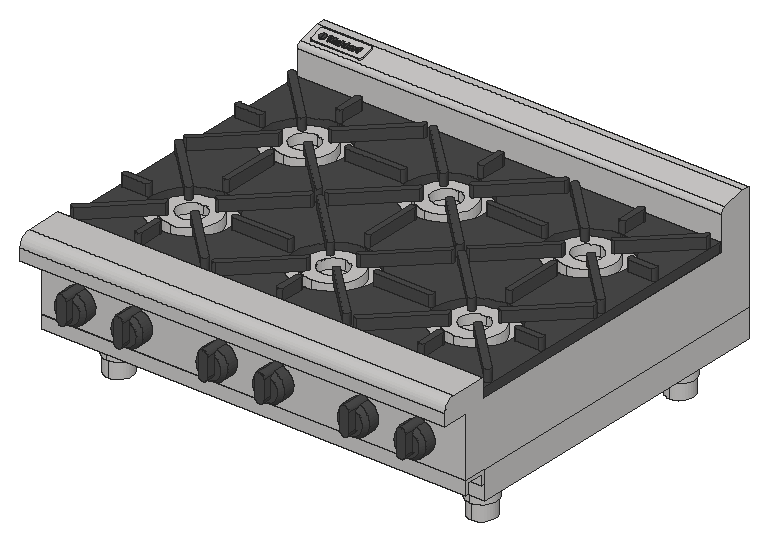
Revit family "QF_MOFFAT WALDORF_RNL8600G-B", category Specialty Equipment, Revit 2012 (continued)
Automatic sketch dimensions
  plane 7 "Center Y" to curve 91 = 28.977 mm
  plane 7 "Center Y" to curve 84 = 28.977 mm
  curve 41 to curve 43 = 20.0 mm
  curve 42 to curve 45 = 15.0 mm
  curve 45 to curve 47 = 20.0 mm
  curve 91 to curve 92 = 58.964 mm
  curve 84 to curve 85 = 58.964 mm
  curve 46 to curve 51 = 15.0 mm
  curve 50 to curve 51 = 20.0 mm
  curve 49 to curve 130 = 15.0 mm
  plane 8 "Center X" to curve 84 = 24.226 mm
  plane 7 "Center Y" to curve 84 = 142.115 mm
  plane 8 "Center X" to curve 91 = 5.774 mm
  curve 91 to curve 84 = 0.0 mm
  curve 127 to curve 80 = 12.97 mm
  curve 88 to curve 87 = 143.337 mm
  curve 80 to curve 122 = 6.03 mm
  curve 122 to curve 129 = 1.0 mm
  curve 80 to curve 95 = 13.452 mm
  curve 87 to curve 102 = 13.452 mm
  plane 8 "Center X" to curve 103 = 7.735 mm
  curve 91 to curve 103 = 15.54 mm
  plane 8 "Center X" to curve 96 = 22.265 mm
  curve 96 to curve 103 = 0.0 mm
  curve 128 to curve 133 = 15.0 mm
  curve 132 to curve 134 = 20.0 mm
  curve 131 to curve 135 = 15.0 mm
  curve 85 to curve 85 = 115.161 mm
  curve 92 to curve 92 = 115.194 mm
  curve 135 to curve 137 = 20.0 mm
  curve 137 to curve 139 = 15.0 mm
  curve 139 to curve 142 = 20.0 mm
  curve 92 to curve 102 = 67.237 mm
  curve 85 to curve 95 = 67.269 mm
  curve 102 to curve 103 = 2.151 mm
  curve 95 to curve 96 = 2.151 mm
  curve 102 to curve 116 = 29.628 mm
  curve 95 to curve 110 = 29.628 mm
  curve 116 to curve 115 = 0.021 mm
  curve 139 to curve 94 = 44.258 mm
  curve 114 to curve 101 = 0.049 mm
  curve 114 to curve 100 = 27.948 mm
  curve 110 to curve 93 = 27.969 mm
  curve 114 to curve 104 = 28.581 mm
  curve 110 to curve 97 = 28.602 mm
  plane 4 "RIGHT" to curve 98 = 62.434 mm
  plane 4 "RIGHT" to curve 105 = 62.434 mm
  plane 4 "RIGHT" to curve 104 = 8.26 mm
  plane 4 "RIGHT" to curve 97 = 8.26 mm
  plane 4 "RIGHT" to curve 93 = 6.592 mm
  plane 4 "RIGHT" to curve 100 = 6.592 mm
  plane 4 "RIGHT" to curve 105 = 4.563 mm
  plane 4 "RIGHT" to curve 98 = 4.563 mm
  curve 72 to curve 77 = 100.0 mm
  curve 88 to plane 5 "FRONT" = 121.254 mm
  curve 101 to plane 5 "FRONT" = 121.254 mm
  curve 62 to plane 5 "FRONT" = 121.254 mm
  curve 77 to curve 61 = 23.841 mm
  curve 122 to curve 87 = 23.841 mm
  curve 77 to curve 100 = 23.841 mm
  curve 79 to curve 89 = 23.907 mm
  curve 87 to curve 102 = 0.066 mm
  curve 63 to curve 89 = 0.0 mm
  curve 101 to curve 101 = 58.222 mm
  curve 62 to curve 62 = 58.222 mm
  curve 88 to curve 88 = 58.222 mm
  curve 62 to curve 124 = 3.942 mm
  curve 88 to curve 118 = 3.942 mm
  curve 101 to curve 114 = 3.942 mm
  curve 118 to curve 120 = 27.082 mm
  curve 114 to curve 116 = 27.082 mm
  curve 124 to curve 125 = 27.082 mm
  curve 120 to curve 89 = 26.544 mm
  curve 116 to curve 102 = 26.544 mm
  curve 125 to curve 63 = 26.544 mm
  curve 126 to curve 61 = 28.779 mm
  curve 120 to curve 87 = 28.779 mm
  curve 117 to curve 100 = 28.779 mm
  curve 63 to curve 64 = 30.253 mm
  curve 87 to curve 119 = 28.22 mm
  curve 61 to curve 124 = 28.221 mm
  curve 124 to curve 123 = 0.0 mm
  curve 100 to curve 115 = 28.221 mm
  curve 118 to curve 121 = 0.0 mm
  curve 114 to curve 116 = 0.0 mm
  curve 123 to curve 126 = 0.0 mm
  curve 61 to curve 67 = 28.954 mm
  curve 100 to curve 105 = 28.954 mm
  curve 102 to curve 92 = 31.19 mm
  curve 118 to curve 91 = 27.638 mm
  curve 124 to curve 66 = 27.637 mm
  curve 114 to curve 104 = 27.637 mm
  curve 120 to curve 90 = 27.866 mm
  curve 116 to curve 103 = 27.866 mm
  curve 125 to curve 65 = 27.866 mm
  plane 8 "Center X" to curve 104 = 5.774 mm
  plane 8 "Center X" to curve 66 = 5.774 mm
  curve 104 to curve 78 = 9.226 mm
  curve 78 to curve 58 = 9.226 mm
  curve 78 to curve 97 = 9.226 mm
  plane 8 "Center X" to curve 86 = 78.334 mm
  plane 8 "Center X" to curve 60 = 78.334 mm
  plane 8 "Center X" to curve 99 = 78.334 mm
  curve 60 to curve 68 = 2.584 mm
  curve 99 to curve 110 = 2.584 mm
  curve 86 to curve 106 = 2.584 mm
  curve 106 to curve 109 = 27.082 mm
  curve 110 to curve 113 = 27.082 mm
  curve 68 to curve 70 = 27.082 mm
  curve 112 to curve 96 = 29.134 mm
  curve 70 to curve 57 = 29.134 mm
  curve 108 to curve 83 = 29.134 mm
  curve 109 to curve 84 = 29.363 mm
  curve 70 to curve 58 = 29.363 mm
  curve 113 to curve 97 = 29.363 mm
  curve 84 to curve 85 = 27.529 mm
  curve 97 to curve 98 = 27.529 mm
  curve 58 to curve 59 = 27.529 mm
  curve 83 to curve 109 = 27.866 mm
  curve 96 to curve 110 = 27.866 mm
  curve 57 to curve 69 = 27.866 mm
  curve 57 to curve 56 = 28.069 mm
  curve 106 to curve 80 = 28.221 mm
  curve 68 to curve 53 = 28.221 mm
  curve 110 to curve 93 = 28.221 mm
  curve 95 to curve 112 = 26.544 mm
  curve 55 to curve 70 = 26.544 mm
  curve 82 to curve 108 = 26.544 mm
  curve 110 to curve 94 = 3.942 mm
  curve 107 to curve 81 = 3.942 mm
  curve 69 to curve 54 = 3.942 mm
  plane 1 "BACK" to curve 82 = 93.907 mm
  curve 55 to curve 82 = 0.0 mm
  plane 1 "BACK" to curve 95 = 93.907 mm
  curve 95 to curve 80 = 0.066 mm
  curve 53 to curve 1 = 41.781 mm
  plane 1 "BACK" to curve 93 = 93.841 mm
  curve 54 to curve 2 = 39.194 mm
  curve 94 to curve 94 = 58.222 mm
  curve 81 to curve 81 = 58.222 mm
  curve 82 to curve 79 = 23.907 mm
  plane 1 "BACK" to curve 142 = 50.782 mm
  curve 138 to curve 139 = 0.0 mm
  curve 122 to curve 52 = 19.218 mm
  curve 134 to curve 135 = 0.0 mm
  curve 48 to curve 49 = 0.0 mm
  curve 49 to curve 130 = 0.0 mm
  curve 44 to curve 45 = 0.0 mm
  curve 2 to curve 5 = 1.278 mm
  curve 40 to curve 41 = 0.0 mm
  curve 7 to curve 9 = 0.0 mm  (x2)
  curve 35 to curve 37 = 0.0 mm  (x2)
  curve 10 to curve 13 = 0.0 mm
  curve 32 to curve 33 = 0.0 mm
  curve 14 to curve 17 = 0.0 mm
  curve 28 to curve 29 = 0.0 mm
  curve 18 to curve 21 = 0.0 mm
  plane 1 "BACK" to curve 2 = 21.099 mm
  plane 1 "BACK" to curve 20 = 20.984 mm
  plane 1 "BACK" to curve 26 = 20.984 mm
  curve 26 to curve 29 = 0.0 mm
  plane 1 "BACK" to curve 16 = 20.984 mm
  curve 30 to curve 33 = 0.0 mm
  curve 19 to curve 21 = 0.0 mm
  plane 1 "BACK" to curve 12 = 20.984 mm
  curve 38 to curve 41 = 0.0 mm
  plane 1 "BACK" to curve 127 = 20.984 mm
  curve 42 to curve 45 = 0.0 mm
  curve 128 to curve 132 = 0.0 mm
  curve 46 to curve 50 = 0.0 mm
  curve 133 to curve 135 = 0.0 mm
  curve 136 to curve 141 = 0.0 mm
  Extrusion 1 sketch curve to plane 5 "FRONT" = 0.0 mm
  Extrusion 1 sketch curve to plane 9 "Base Height" = 0.0 mm
  Extrusion 1 sketch curve to plane 6 "TOP" = 0.0 mm
  Extrusion 1 sketch curve to plane 1 "BACK" = 0.0 mm  (x2)
  Extrusion 1 sketch curve to plane 5 "FRONT" = 24.0 mm
  Extrusion 1 sketch curve to plane 5 "FRONT" = 56.0 mm
  Extrusion 1 sketch curve to Extrusion 1 sketch curve = 0.0 mm  (x2)
  Extrusion 1 sketch curve to Extrusion 1 sketch curve = 6.4 mm  (x3)
  Extrusion 1 sketch curve to Extrusion 1 sketch curve = 36.2 mm
  Extrusion 1 sketch curve to Extrusion 1 sketch curve = 44.0 mm
  Extrusion 1 sketch curve to Extrusion 1 sketch curve = 1.0 mm
  plane 1 "BACK" to Extrusion 1 sketch curve = 70.0 mm
  Extrusion 1 sketch curve to plane 6 "TOP" = 12.354 mm
  Extrusion 1 sketch curve to Extrusion 1 sketch curve = 8.894 mm
  Extrusion 1 sketch curve to Extrusion 1 sketch curve = 3.106 mm
  plane 1 "BACK" to Extrusion 1 sketch curve = 15.0 mm
  plane 9 "Base Height" to Extrusion 1 sketch curve = 31.706 mm  (x2)
  Extrusion 1 sketch curve to Extrusion 1 sketch curve = 20.787 mm
  Extrusion 1 sketch curve to Extrusion 1 sketch curve = 1.106 mm
  Extrusion 1 sketch curve to plane 6 "TOP" = 104.0 mm
  Extrusion 1 sketch curve to Extrusion 1 sketch curve = 71.055 mm
  Extrusion 1 sketch curve to Extrusion 1 sketch curve = 25.0 mm
  Revolve 2 sketch curve to plane 9 "Base Height" = 0.0 mm
  Revolve 2 sketch curve to level = 0.0 mm
  level to Revolve 2 sketch curve = 35.0 mm
  plane 1 "BACK" to Revolve 2 sketch curve = 131.75 mm
  Revolve 2 sketch curve to Revolve 2 sketch curve = 4.25 mm
  Revolve 2 sketch curve to Revolve 2 sketch curve = 27.5 mm
  Revolve 2 sketch curve to Revolve 2 sketch curve = 0.0 mm
  Revolve 2 sketch curve to Revolve 2 sketch curve = 30.0 mm
  Revolve 2 sketch curve to Revolve 2 sketch curve = 55.0 mm
  Revolve 3 sketch curve to level = 0.0 mm
  level to Revolve 3 sketch curve = 35.0 mm
  plane 1 "BACK" to Revolve 3 sketch curve = 131.75 mm
  Revolve 3 sketch curve to Revolve 3 sketch curve = 4.25 mm
  Revolve 3 sketch curve to Revolve 3 sketch curve = 27.5 mm
  Revolve 3 sketch curve to Revolve 3 sketch curve = 0.0 mm
  Revolve 3 sketch curve to Revolve 3 sketch curve = 55.0 mm
  Revolve 3 sketch curve to plane 9 "Base Height" = 30.0 mm
  Revolve 4 sketch curve to plane 5 "FRONT" = 56.0 mm
  Revolve 4 sketch curve to Revolve 4 sketch curve = 10.0 mm
  Revolve 4 sketch curve to Revolve 4 sketch curve = 21.3 mm
  Revolve 4 sketch curve to plane 5 "FRONT" = 23.0 mm
  Revolve 4 sketch curve to plane 5 "FRONT" = 12.0 mm
  Revolve 4 sketch curve to Revolve 4 sketch curve = 0.0 mm  (x2)
  plane 9 "Base Height" to Revolve 4 sketch curve = 117.105 mm
  Revolve 4 sketch curve to Revolve 4 sketch curve = 5.0 mm
  Revolve 4 sketch curve to Revolve 4 sketch curve = 26.651 mm
  Revolve 4 sketch curve to Revolve 4 sketch curve = 5.849 mm
  plane 3 "LEFT" to Extrusion 5 sketch curve = 200.0 mm
  Extrusion 5 sketch curve to Extrusion 5 sketch curve = 10.0 mm
  plane 9 "Base Height" to Extrusion 5 sketch curve = 105.003 mm
  Extrusion 5 sketch curve to Extrusion 5 sketch curve = 38.997 mm
  plane 1 "BACK" to Extrusion 6 sketch curve = 32.0 mm
  plane 4 "RIGHT" to Extrusion 6 sketch curve = 130.0 mm
  Revolve 7 sketch curve to plane 5 "FRONT" = 12.0 mm
  Revolve 7 sketch curve to Revolve 7 sketch curve = 0.0 mm  (x2)
  Revolve 7 sketch curve to Revolve 7 sketch curve = 11.0 mm
  Revolve 7 sketch curve to Revolve 7 sketch curve = 12.7 mm
  Revolve 7 sketch curve to Revolve 7 sketch curve = 23.0 mm
  Revolve 7 sketch curve to Revolve 7 sketch curve = 10.0 mm
  Revolve 7 sketch curve to plane 6 "TOP" = 140.627 mm
  Revolve 7 sketch curve to Revolve 7 sketch curve = 5.849 mm
  Revolve 7 sketch curve to Revolve 7 sketch curve = 27.5 mm
  Revolve 7 sketch curve to Revolve 7 sketch curve = 5.0 mm
  plane 3 "LEFT" to Extrusion 8 sketch curve = 100.0 mm
  Extrusion 8 sketch curve to Extrusion 8 sketch curve = 10.0 mm
  plane 9 "Base Height" to Extrusion 8 sketch curve = 144.0 mm
  Extrusion 8 sketch curve to Extrusion 8 sketch curve = 39.0 mm
  Extrusion 1 to Extrusion 9 sketch curve = 1.0 mm  (x2)
  Extrusion 9 sketch curve to Extrusion 9 sketch curve = 3.0 mm  (x2)
  Extrusion 1 to Extrusion 9 sketch curve = 167.5 mm  (x3)
  Extrusion 9 sketch curve to Extrusion 1 = 167.5 mm  (x3)
  Extrusion 9 sketch curve to Extrusion 1 = 4.0 mm  (x2)
  Extrusion 9 sketch curve to Extrusion 1 = 1.0 mm
  Extrusion 1 to Extrusion 9 sketch curve = 150.0 mm  (x4)
  Extrusion 9 sketch curve to Extrusion 9 sketch curve = 300.0 mm
  Extrusion 10 sketch curve to Extrusion 9 = 22.602 mm  (x6)
  Extrusion 10 sketch curve to Extrusion 9 = 25.398 mm  (x6)
  Extrusion 10 sketch curve to Extrusion 10 sketch curve = 4.525 mm  (x48)
  Extrusion 10 sketch curve to Extrusion 10 sketch curve = 49.204 mm  (x5)
  Extrusion 10 sketch curve to Extrusion 10 sketch curve = 55.923 mm  (x22)
  Extrusion 10 sketch curve to Extrusion 10 sketch curve = 0.0 mm  (x18)
  Extrusion 10 sketch curve to Extrusion 10 sketch curve = 20.524 mm  (x17)
  Extrusion 10 sketch curve to Extrusion 9 = 7.898 mm  (x4)
  Extrusion 10 sketch curve to Extrusion 10 sketch curve = 6.4 mm  (x17)
  Extrusion 10 sketch curve to Extrusion 10 sketch curve = 53.847 mm  (x24)
  Extrusion 10 sketch curve to Extrusion 9 = 5.102 mm  (x5)
  Extrusion 10 sketch curve to Extrusion 10 sketch curve = 128.447 mm  (x10)
  Extrusion 10 sketch curve to Extrusion 10 sketch curve = 12.205 mm  (x14)
  Extrusion 10 sketch curve to Extrusion 9 = 14.153 mm  (x3)
  Extrusion 10 sketch curve to Extrusion 10 sketch curve = 116.204 mm  (x7)
  Extrusion 10 sketch curve to Extrusion 9 = 31.653 mm  (x4)
  Extrusion 10 sketch curve to Extrusion 9 = 57.102 mm  (x2)
  Extrusion 1 to Split face 1 sketch curve = 5.177 mm
  Split face 1 sketch curve to Extrusion 1 = 9.153 mm
  Split face 1 sketch curve to Extrusion 1 = 154.476 mm
  Split face 1 sketch curve to Split face 1 sketch curve = 20.0 mm
  Extrusion 1 to Split face 2 sketch curve = 5.177 mm
  Split face 2 sketch curve to Extrusion 1 = 9.153 mm
  Split face 2 sketch curve to Extrusion 1 = 189.404 mm
  Split face 2 sketch curve to Split face 2 sketch curve = 20.0 mm
  Extrusion 1 to Split face 3 sketch curve = 5.177 mm
  Split face 3 sketch curve to Extrusion 1 = 9.153 mm
  Split face 3 sketch curve to Extrusion 1 = 224.429 mm
  Split face 3 sketch curve to Split face 3 sketch curve = 20.0 mm
  Extrusion 1 to Split face 4 sketch curve = 5.177 mm
  Split face 4 sketch curve to Extrusion 1 = 9.153 mm
  Split face 4 sketch curve to Extrusion 1 = 424.345 mm
  Split face 4 sketch curve to Split face 4 sketch curve = 20.0 mm
  Extrusion 1 to Split face 5 sketch curve = 5.177 mm
  Split face 5 sketch curve to Extrusion 1 = 9.153 mm
  Split face 5 sketch curve to Extrusion 1 = 389.154 mm
  Split face 5 sketch curve to Split face 5 sketch curve = 20.0 mm
  Extrusion 1 to Split face 6 sketch curve = 5.177 mm
  Split face 6 sketch curve to Extrusion 1 = 9.153 mm
  Split face 6 sketch curve to Extrusion 1 = 354.431 mm
  Split face 6 sketch curve to Split face 6 sketch curve = 20.0 mm
  Revolve 11 sketch curve to plane 5 "FRONT" = 56.0 mm
  Revolve 11 sketch curve to Revolve 11 sketch curve = 10.0 mm
  Revolve 11 sketch curve to Revolve 11 sketch curve = 21.3 mm
  Revolve 11 sketch curve to plane 5 "FRONT" = 23.0 mm
  Revolve 11 sketch curve to plane 5 "FRONT" = 12.0 mm
  Revolve 11 sketch curve to Revolve 11 sketch curve = 0.0 mm  (x2)
  plane 9 "Base Height" to Revolve 11 sketch curve = 117.105 mm
  Revolve 11 sketch curve to Revolve 11 sketch curve = 5.0 mm
  Revolve 11 sketch curve to Revolve 11 sketch curve = 26.651 mm
  Revolve 11 sketch curve to Revolve 11 sketch curve = 5.849 mm
  plane 7 "Center Y" to Extrusion 12 sketch curve = 50.0 mm
  Extrusion 12 sketch curve to Extrusion 12 sketch curve = 10.0 mm
  plane 9 "Base Height" to Extrusion 12 sketch curve = 105.003 mm
  Extrusion 12 sketch curve to Extrusion 12 sketch curve = 38.997 mm
  Revolve 13 sketch curve to plane 5 "FRONT" = 12.0 mm
  Revolve 13 sketch curve to Revolve 13 sketch curve = 0.0 mm  (x2)
  Revolve 13 sketch curve to Revolve 13 sketch curve = 11.0 mm
  Revolve 13 sketch curve to Revolve 13 sketch curve = 12.7 mm
  Revolve 13 sketch curve to Revolve 13 sketch curve = 23.0 mm
  Revolve 13 sketch curve to Revolve 13 sketch curve = 10.0 mm
  Revolve 13 sketch curve to plane 6 "TOP" = 140.627 mm
  Revolve 13 sketch curve to Revolve 13 sketch curve = 5.849 mm
  Revolve 13 sketch curve to Revolve 13 sketch curve = 27.5 mm
  Revolve 13 sketch curve to Revolve 13 sketch curve = 5.0 mm
  Extrusion 1 to Split face 7 sketch curve = 5.177 mm
  Split face 7 sketch curve to Extrusion 1 = 9.153 mm
  Split face 7 sketch curve to Extrusion 1 = 263.035 mm
  Split face 7 sketch curve to Split face 7 sketch curve = 20.0 mm
  Extrusion 1 to Split face 8 sketch curve = 5.177 mm
  Split face 8 sketch curve to Extrusion 1 = 9.153 mm
  Split face 8 sketch curve to Extrusion 1 = 300.56 mm
  Split face 8 sketch curve to Split face 8 sketch curve = 20.0 mm
  Extrusion 1 to Split face 9 sketch curve = 5.177 mm
  Split face 9 sketch curve to Extrusion 1 = 9.153 mm
  Split face 9 sketch curve to Extrusion 1 = 336.081 mm
  Split face 9 sketch curve to Split face 9 sketch curve = 20.0 mm
  Extrusion 1 to Split face 10 sketch curve = 5.177 mm
  Split face 10 sketch curve to Extrusion 1 = 9.153 mm
  Split face 10 sketch curve to Extrusion 1 = 370.88 mm
  Split face 10 sketch curve to Split face 10 sketch curve = 20.0 mm
  Extrusion 1 to Split face 11 sketch curve = 5.177 mm
  Split face 11 sketch curve to Extrusion 1 = 9.153 mm
  Split face 11 sketch curve to Extrusion 1 = 405.758 mm
  Split face 11 sketch curve to Split face 11 sketch curve = 20.0 mm
  Extrusion 1 to Split face 12 sketch curve = 5.177 mm
  Split face 12 sketch curve to Extrusion 1 = 9.153 mm
  Split face 12 sketch curve to Extrusion 1 = 440.518 mm
  Split face 12 sketch curve to Split face 12 sketch curve = 20.0 mm
  Extrusion 14 sketch curve to plane 7 "Center Y" = 50.0 mm
  Extrusion 14 sketch curve to Extrusion 14 sketch curve = 10.0 mm
  plane 9 "Base Height" to Extrusion 14 sketch curve = 144.0 mm
  Extrusion 14 sketch curve to Extrusion 14 sketch curve = 39.0 mm
  Revolve 15 sketch curve to Revolve 15 sketch curve = 23.0 mm
  Revolve 15 sketch curve to Revolve 15 sketch curve = 12.7 mm
  Revolve 15 sketch curve to Revolve 15 sketch curve = 0.0 mm  (x2)
  plane 9 "Base Height" to Revolve 15 sketch curve = 117.105 mm
  Revolve 15 sketch curve to Revolve 15 sketch curve = 5.0 mm
  Revolve 15 sketch curve to Revolve 15 sketch curve = 26.651 mm
  Revolve 15 sketch curve to Revolve 15 sketch curve = 5.849 mm
  plane 4 "RIGHT" to Extrusion 16 sketch curve = 100.0 mm
  Extrusion 16 sketch curve to Extrusion 16 sketch curve = 10.0 mm
  plane 9 "Base Height" to Extrusion 16 sketch curve = 105.003 mm
  Extrusion 16 sketch curve to Extrusion 16 sketch curve = 38.997 mm
  Revolve 17 sketch curve to plane 5 "FRONT" = 12.0 mm
  Revolve 17 sketch curve to Revolve 17 sketch curve = 0.0 mm  (x2)
  Revolve 17 sketch curve to Revolve 17 sketch curve = 11.0 mm
  Revolve 17 sketch curve to Revolve 17 sketch curve = 12.7 mm
  Revolve 17 sketch curve to Revolve 17 sketch curve = 23.0 mm
  Revolve 17 sketch curve to Revolve 17 sketch curve = 10.0 mm
  Revolve 17 sketch curve to plane 6 "TOP" = 140.627 mm
  Revolve 17 sketch curve to Revolve 17 sketch curve = 5.849 mm
  Revolve 17 sketch curve to Revolve 17 sketch curve = 27.5 mm
  Revolve 17 sketch curve to Revolve 17 sketch curve = 5.0 mm
  plane 4 "RIGHT" to Extrusion 18 sketch curve = 200.0 mm
  Extrusion 18 sketch curve to Extrusion 18 sketch curve = 10.0 mm
  plane 9 "Base Height" to Extrusion 18 sketch curve = 144.0 mm
  Extrusion 18 sketch curve to Extrusion 18 sketch curve = 39.0 mm
  Revolve 19 sketch curve to plane 9 "Base Height" = 0.0 mm
  Revolve 19 sketch curve to level = 0.0 mm
  level to Revolve 19 sketch curve = 35.0 mm
  Revolve 19 sketch curve to plane 5 "FRONT" = 148.25 mm
  Revolve 19 sketch curve to Revolve 19 sketch curve = 4.25 mm
  Revolve 19 sketch curve to Revolve 19 sketch curve = 27.5 mm
  Revolve 19 sketch curve to Revolve 19 sketch curve = 0.0 mm
  Revolve 19 sketch curve to plane 9 "Base Height" = 30.0 mm
  Revolve 19 sketch curve to Revolve 19 sketch curve = 55.0 mm
  Revolve 20 sketch curve to plane 9 "Base Height" = 0.0 mm
  Revolve 20 sketch curve to level = 0.0 mm
  level to Revolve 20 sketch curve = 35.0 mm
  Revolve 20 sketch curve to plane 5 "FRONT" = 148.25 mm
  Revolve 20 sketch curve to Revolve 20 sketch curve = 4.25 mm
  Revolve 20 sketch curve to Revolve 20 sketch curve = 27.5 mm
  Revolve 20 sketch curve to Revolve 20 sketch curve = 0.0 mm
  Revolve 20 sketch curve to Revolve 20 sketch curve = 55.0 mm
  Revolve 20 sketch curve to Revolve 20 sketch curve = 30.0 mm
  Extrusion 1 to Split face 13 sketch curve = 5.177 mm
  Split face 13 sketch curve to Extrusion 1 = 9.153 mm
  Split face 13 sketch curve to Extrusion 1 = 319.154 mm
  Split face 13 sketch curve to Split face 13 sketch curve = 20.0 mm
  Extrusion 1 to Split face 14 sketch curve = 5.177 mm
  Split face 14 sketch curve to Extrusion 1 = 9.153 mm
  Split face 14 sketch curve to Extrusion 1 = 284.431 mm
  Split face 14 sketch curve to Split face 14 sketch curve = 20.0 mm
  Extrusion 1 to Split face 15 sketch curve = 5.177 mm
  Split face 15 sketch curve to Extrusion 1 = 9.153 mm
  Split face 15 sketch curve to Extrusion 1 = 249.154 mm
  Split face 15 sketch curve to Split face 15 sketch curve = 20.0 mm
  Extrusion 1 to Split face 16 sketch curve = 5.177 mm
  Split face 16 sketch curve to Extrusion 1 = 9.153 mm
  Split face 16 sketch curve to Extrusion 1 = 214.431 mm
  Split face 16 sketch curve to Split face 16 sketch curve = 20.0 mm
  Extrusion 9 sketch curve to Extrusion 9 sketch curve = 0.0 mm
  Extrusion 21 sketch curve to Extrusion 21 sketch curve = 0.0 mm  (x73)
  Extrusion 1 to Extrusion 21 sketch curve = 110.5 mm  (x3)
  Extrusion 21 sketch curve to Extrusion 21 sketch curve = 27.0 mm  (x6)
  Extrusion 21 sketch curve to Extrusion 21 sketch curve = 30.0 mm  (x6)
  Extrusion 21 sketch curve to Extrusion 21 sketch curve = 186.0 mm  (x3)
  Extrusion 1 to Extrusion 21 sketch curve = 150.0 mm  (x4)
  Extrusion 21 sketch curve to Extrusion 21 sketch curve = 300.0 mm
  curve 68 to curve 143 = 0.0 mm  (x2)
  curve 70 to curve 143 = 27.0 mm
  curve 110 to curve 145 = 0.0 mm  (x2)
  curve 112 to curve 145 = 27.0 mm
  curve 106 to curve 147 = 0.0 mm  (x2)
  curve 108 to curve 148 = 27.0 mm
  curve 116 to curve 149 = 0.0 mm  (x2)
  curve 116 to curve 150 = 27.0 mm
  curve 120 to curve 151 = 0.0 mm  (x2)
  curve 120 to curve 151 = 27.0 mm
  curve 125 to curve 153 = 0.0 mm  (x2)
  curve 125 to curve 154 = 27.0 mm
  radius of Extrusion 6 sketch curve = 13.5 mm
  radius of Extrusion 9 sketch curve = 84.082 mm  (x6)
Nested families
  nested 1: "WALDORF LOGO_FACE BASE" at (12.35, -21.268, 368.32) x (1, 0, 0) z (0, -0.2588, 0.9659), visible <- "Show Logo", type "WALDORF LOGO_FACE BASE", detail levels medium+fine
    with Show Logo yes
Connectors
  piping at (770, -32, 55)
    settings: on Extrusion 6, index 2, connector radius 0.37402", flow factor 0, pipe flow 0 GPM, pressure drop 0.00 psi, fitting loss kfactor 0, connector angle 0.00°, fixture units 0, engagement length 0.0 mm, flow configuration 1, flow direction 1, fitting loss method 0, system type 7, joint type 0, gender type 0, connector reference index -1, connector utility 0, adjustable connector no, is connector primary yes, fitting loss table "", connector description "GAS CONNECTION"
Definition of nested family "WALDORF LOGO_FACE BASE"
  Parameters (values of type "WALDORF LOGO_FACE BASE")
    Show Logo [instance] = yes
    Default Elevation = 1219.2 mm
  Reference planes
    plane 1 "Center (Front/Back)": y = 0
    plane 2: z = 0
    plane 3 "Center (Left/Right)": x = 0
  Forms (mm)
    Extrusion 1, solid
      sketch origin (0, 0, 0) x (1, 0, 0) y (0, 1, 0)
        loop
          line (-1219.2, 1219.2) -> (-1219.2, -1219.2) -> (1219.2, -1219.2) -> (1219.2, 1219.2) -> (-1219.2, 1219.2)
      from 0 to -304.8
    Extrusion 2, solid, material "QF_Finishes_Stainless Steel", visible <- "Show Logo"
      sketch origin (0, -33.217, 0) x (1, 0, 0) y (0, 1, 0)
        loop
          arc (5, 34.14) -> (1.464, 32.676) -> (0, 29.14) r 5
          line (0, 29.14) -> (0, 5)
          arc (0, 5) -> (1.464, 1.464) -> (5, 0) r 5
          line (5, 0) -> (104, 0)
          arc (104, 0) -> (107.536, 1.464) -> (109, 5) r 5
          line (109, 5) -> (109, 29.14)
          arc (109, 29.14) -> (107.536, 32.676) -> (104, 34.14) r 5
          line (104, 34.14) -> (5, 34.14)
      from 0 to 1.588
    Extrusion 3, solid, material "QF_Finishes_Black", visible <- "Show Logo"
      sketch origin (0, -33.217, 1.588) x (1, 0, 0) y (0, 1, 0)
        loop
          line (24.772, 23.214) -> (27.992, 10.301) -> (31.551, 10.301) -> (33.443, 17.364) -> (35.205, 10.301) -> (39.332, 10.301) -> (42.077, 23.214) -> (38.352, 23.214) -> (36.676, 15.33) -> (35, 23.214) -> (31.752, 23.214) -> (30.076, 15.33) -> (28.4, 23.214) -> (24.772, 23.214)
        loop
          line (42.272, 17.055) -> (45.703, 17.055)
          spline (45.703, 17.055) -> (45.741, 17.285) -> (45.852, 17.499) -> (46.028, 17.682) -> (46.258, 17.823) -> (46.526, 17.912) -> (46.813, 17.942) -> (47.1, 17.912) -> (47.368, 17.823) -> (47.597, 17.682) -> (47.774, 17.499) -> (47.884, 17.285) -> (47.922, 17.055)
          line (47.922, 17.055) -> (47.922, 16.222)
          arc (47.922, 16.222) -> (45.742, 16.014) -> (43.665, 15.317) r 9.604
          arc (43.665, 15.317) -> (41.924, 12.809) -> (43.665, 10.301) r 2.677
          arc (43.665, 10.301) -> (45.527, 10.353) -> (47.332, 10.816) r 8.365
          line (47.332, 10.816) -> (48.092, 11.105) -> (48.092, 10.301) -> (51.817, 10.301) -> (51.817, 17.055)
          spline (51.817, 17.055) -> (51.654, 17.821) -> (51.178, 18.535) -> (50.419, 19.148) -> (49.431, 19.619) -> (48.28, 19.914) -> (47.044, 20.015) -> (45.809, 19.914) -> (44.658, 19.619) -> (43.67, 19.148) -> (42.911, 18.535) -> (42.434, 17.821) -> (42.272, 17.055)
        loop
          line (53.151, 23.214) -> (53.151, 10.301) -> (57.37, 10.301) -> (57.37, 23.214) -> (53.151, 23.214)
        loop
          line (64.874, 23.214) -> (64.874, 18.857)
          arc (64.874, 18.857) -> (58.083, 15.11) -> (64.874, 11.363) r 4.429
          line (64.874, 11.363) -> (64.874, 10.301) -> (68.378, 10.301) -> (68.378, 23.214) -> (64.874, 23.214)
        loop
          arc (64.874, 16.083) -> (61.41, 14.987) -> (64.874, 13.891) r 1.905
          line (64.874, 13.891) -> (64.874, 16.083)
        loop
          circle (74.623, 15.223) r 5
        loop
          spline (74.623, 17.856) -> (74.355, 17.766) -> (74.105, 17.503) -> (73.891, 17.084) -> (73.726, 16.539) -> (73.623, 15.904) -> (73.588, 15.223) -> (73.623, 14.541) -> (73.726, 13.906) -> (73.891, 13.361) -> (74.105, 12.942) -> (74.355, 12.679) -> (74.623, 12.59)
          spline (74.623, 12.59) -> (74.891, 12.679) -> (75.141, 12.942) -> (75.355, 13.361) -> (75.52, 13.906) -> (75.623, 14.541) -> (75.659, 15.223) -> (75.623, 15.904) -> (75.52, 16.539) -> (75.355, 17.084) -> (75.141, 17.503) -> (74.891, 17.766) -> (74.623, 17.856)
        loop
          line (81.255, 19.813) -> (81.255, 10.301) -> (84.834, 10.301) -> (84.834, 14.176)
          arc (84.834, 14.176) -> (85.854, 16.093) -> (88.013, 16.32) r 2.313
          line (88.013, 16.32) -> (88.013, 19.813) -> (87.161, 19.813)
          arc (87.161, 19.813) -> (85.526, 19.266) -> (84.549, 17.844) r 2.717
          line (84.549, 17.844) -> (84.549, 19.813) -> (81.255, 19.813)
        loop
          line (90.249, 19.813) -> (88.91, 19.813) -> (88.91, 17.614) -> (90.249, 17.614) -> (90.249, 10.301) -> (93.998, 10.301) -> (93.998, 17.614) -> (95.418, 17.614) -> (95.418, 19.813) -> (93.998, 19.813)
          arc (93.998, 19.813) -> (94.414, 20.817) -> (95.418, 21.233) r 1.42
          line (95.418, 21.233) -> (95.418, 23.602) -> (93.317, 23.602)
          arc (93.317, 23.602) -> (91.343, 22.903) -> (90.249, 21.118) r 3.137
          line (90.249, 21.118) -> (90.249, 19.813)
        loop
          arc (15.241, 23.571) -> (8.392, 16.525) -> (15.241, 9.479) r 7.049
          line (15.241, 9.479) -> (15.241, 23.571)
        loop
          line (15.641, 23.571) -> (15.641, 9.479)
          arc (15.641, 9.479) -> (22.49, 16.525) -> (15.641, 23.571) r 7.049
        loop
          arc (47.922, 14.711) -> (46.266, 13.749) -> (47.922, 12.787) r 1.107
          line (47.922, 12.787) -> (47.922, 14.711)
      from 0 to 0.2
  Dimensions and locks
    aligned and locked: plane 2 to Extrusion 1
    aligned and locked: level to Extrusion 1
